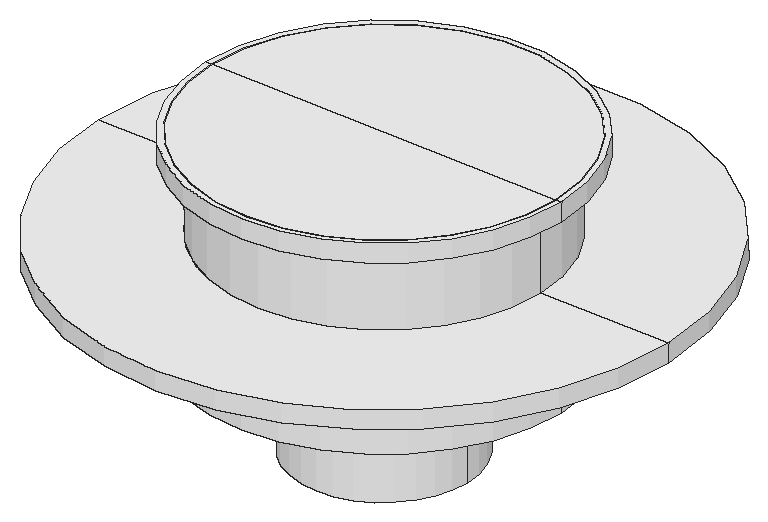
Revit family "Plumbing Fixture-FloorDrain_Mifab_C1100-XR", category Plumbing Fixtures, host Face, Revit 2013
Parameters (values of type "2"")
  WFU = 0
  URL = "WWW.MIFAB.COM"
  Top Assembly Height = 1.250"
  Strainer Radius = Stainer Diameter / 2  # 4.000"
  Stainer Diameter = 8.000"
  Pipe Radius = Pipe Diameter / 2  # 1.000"
  Pipe Diameter = 2.000"
  Model = "C1100-XR"
  Manufacturer = "MIFAB"
  Floor Drain Material = Paint - Sherwin Williams Paint - #952C2A - Bellwood Red
  Description = "FLOOR CLEANOUT WITH HEAVY DUTY ROUND ADJUSTABLE COVEER AND PLUG"
  Default Elevation = 0.000"
  Body Height = 2.750"
Types (4): name | Pipe Radius | Pipe Diameter
  (no name) | 1.000" | 2.000"
  2" | 1.000" | 2.000"
  3" | 1.500" | 3.000"
  4" | 2.000" | 4.000"
Reference planes (in)
  plane 1 "Center (Front/Back)": y = 0
  plane 2: z = 0
  plane 3 "Center (Left/Right)": x = 0
  plane 4: x = -4
  plane 5: x = 4
  plane 6: z = -4
  plane 7: x = -1
  plane 8: x = 1
  plane 9: x = -2.31968
  plane 10: x = 2.31968
  plane 11: z = -1.25
Forms (in)
  Revolve 1, solid, material "Paint - Sherwin Williams Paint - #952C2A - Bellwood Red" <- "Floor Drain Material"
    sketch origin (0, 0, 0) x (1, 0, 0) y (0, 0, 1)
      loop
        line (2.05, -0.16) -> (2.05, -1.9) -> (2.12, -1.9) -> (2.2, -1.82) -> (2.2, -0.25) -> (2.5, -0.25) -> (2.5, 0) -> (2.42, 0) -> (2.42, -0.16) -> (2.05, -0.16)
      axis (0, 0) -> (0, -1.9)
    angle from 0 to 360
  Revolve 2, solid, material "Paint - Sherwin Williams Paint - #952C2A - Bellwood Red" <- "Floor Drain Material"
    sketch origin (0, 0, 0) x (1, 0, 0) y (0, 0, 1)
      loop
        line (2.32, -1.5) -> (2.32, -2.51151) -> (1, -2.86151) -> (1, -4) -> (1.18, -4) -> (1.18, -3) -> (2.5, -2.65) -> (2.5, -1.5) -> (4, -1.5) -> (4, -1.25) -> (2.2, -1.25) -> (2.12, -1.33) -> (2.12, -1.42) -> (2.2, -1.5) -> (2.32, -1.5)
      axis (0, -4) -> (0, -1.25)
    angle from 0 to 360
  Revolve 3, solid, material "Paint - Sherwin Williams Paint - #952C2A - Bellwood Red" <- "Floor Drain Material"
    sketch origin (0, 0, 0) x (1, 0, 0) y (0, 0, 1)
      loop
        line (0, 0) -> (0, -0.16) -> (2.42, -0.16) -> (2.42, 0) -> (0, 0)
      axis (0, -0.16) -> (0, 0)
    angle from 0 to 360
Lines and regions (in)
  symbolic lines
    curve 1: circle (0, 0, 0) r 4 normal (0, 0, 1)
Dimensions and locks (in)
  equal spacing: plane 5, plane 3 "Center (Left/Right)", plane 4
  "Stainer Diameter": plane 5 to plane 4
  "Body Height": plane 11 to plane 6
  equal spacing: plane 8, plane 3 "Center (Left/Right)", plane 7
  "Pipe Diameter": plane 8 to plane 7
  "Top Assembly Height": host face to plane 11
  locked: Revolve 2 sketch curve to Revolve 2 sketch curve at 0.18
  "Strainer Radius": radius of curve 1
  aligned and locked: plane 2 to host face
  aligned and locked: level to host face
  aligned and locked: plane 1 "Center (Front/Back)" to curve 1
  aligned and locked: plane 3 "Center (Left/Right)" to curve 1
  aligned and locked: Revolve 1 sketch curve to plane 3 "Center (Left/Right)"
  aligned and locked: plane 5 to Revolve 2 sketch curve
  aligned and locked: Revolve 2 sketch curve to plane 8
  aligned and locked: Revolve 2 sketch curve to plane 11
  aligned and locked: plane 3 "Center (Left/Right)" to Revolve 2 sketch curve
  aligned and locked: Revolve 3 sketch curve to host face
  aligned and locked: Revolve 3 sketch curve to Revolve 1  (x2)
  aligned and locked: plane 3 "Center (Left/Right)" to Revolve 3 sketch curve
Automatic sketch dimensions
  host sketch curve to host sketch curve = 96.000"  (x2)
  Revolve 2 sketch curve to plane 6 = 0.000"  (x2)
  plane 10 to Revolve 2 sketch curve = 0.19968"
  Revolve 2 sketch curve to level = 0.000"
  Revolve 2 sketch curve to Revolve 2 sketch curve = 0.080"  (x3)
  Revolve 2 sketch curve to plane 10 = 0.00032"
  Revolve 2 sketch curve to Revolve 2 sketch curve = 0.180"
  Revolve 2 sketch curve to Revolve 2 sketch curve = 1.000"
  Revolve 2 sketch curve to Revolve 2 sketch curve = 0.13849"  (x2)
  plane 6 to Revolve 2 sketch curve = 1.350"
  Revolve 2 sketch curve to plane 11 = 0.250"
  Revolve 2 sketch curve to Revolve 2 sketch curve = 0.000"
  Revolve 2 sketch curve to plane 11 = 0.080"
  plane 10 to Revolve 1 sketch curve = 0.26968"
  Revolve 1 sketch curve to plane 11 = 0.650"
  Revolve 1 sketch curve to level = 0.000"  (x2)
  Revolve 1 sketch curve to plane 6 = 0.000"
  Revolve 1 sketch curve to Revolve 1 sketch curve = 0.070"
  plane 10 to Revolve 1 sketch curve = 0.11968"
  Revolve 1 sketch curve to plane 10 = 0.10032"
  Revolve 1 sketch curve to Revolve 1 sketch curve = 0.080"  (x2)
  Revolve 1 sketch curve to level = 0.250"
  Revolve 1 sketch curve to level = 0.160"
  Revolve 3 sketch curve to plane 3 "Center (Left/Right)" = 0.000"
  Revolve 3 sketch curve to level = 0.000"
  plane 11 to Revolve 3 sketch curve = 0.53971"
  plane 1 "Center (Front/Back)" to curve 1 = 0.000"
  curve 1 to plane 3 "Center (Left/Right)" = 0.000"
Connectors (in)
  piping at (0, 0, -4), driven by "Pipe Radius"
    settings: on Revolve 2, index 1, connector radius 1", flow factor 0, pipe flow 0 GPM, pressure drop 0.00 psi, fitting loss kfactor 0, connector angle 0.00°, fixture units 0, engagement length 0.000", flow configuration 0, flow direction 0, fitting loss method 0, system type 7, joint type 0, gender type 0, connector reference index -1, connector utility 0, adjustable connector no, is connector primary yes, fitting loss table "", connector description ""
